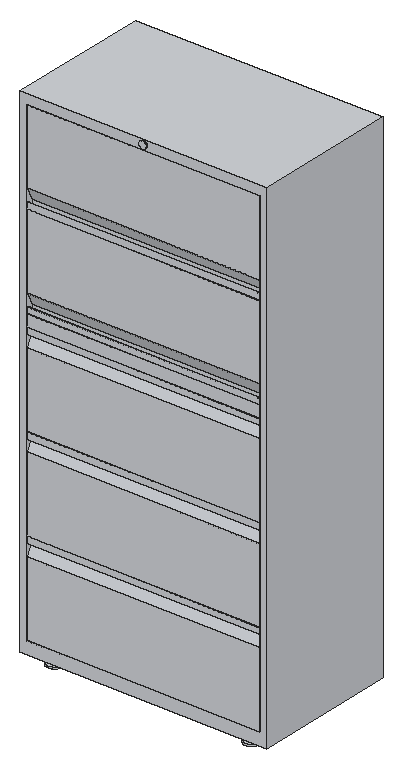
Revit family
Parameters (values of type "08C502CT.3H")
  Width = 800 mm
  Tie Bar = Width - 40 mm  # 760 mm
  Manufacturer = ""
  Height = 1655 mm
  Flipper Width = Width - 40 mm  # 760 mm
  Drawer Width = Width - 40 mm  # 760 mm
  Colour [instance] = ""
  Carbon Footprint = 0
Types (3, lengths in mm): name | Width | Tie Bar | Flipper Width | Drawer Width
  (no name) | 800 | 760 | 760 | 760
  08C502CT.3H | 800 | 760 | 760 | 760
  10C502CT.3H | 1000 | 960 | 960 | 960
Reference planes
  plane 1 "Center (Front/Back)": y = 0
  plane 2: z = 0
  plane 3 "Center (Left/Right)": x = 0
  plane 4: y = 235
  plane 5: y = -235
  plane 6: x = -400
  plane 7: x = 400
  plane 8: z = 1655
  plane 9: z = 4
  plane 10: z = 25
  plane 11: z = 65
  plane 12: z = 1625
  plane 13: x = -380
  plane 14: x = 380
  plane 15: x = -320
  plane 16: x = 320
  plane 17: y = -195
  plane 18: y = 195
  plane 19: y = 233
  plane 20: y = -215
  plane 21: y = -237
  plane 22: z = 1640
  plane 23: z = 1624
Forms (mm)
  Extrusion 1, solid
    sketch origin (0, 0, 0) x (1, 0, 0) y (0, 0, 1)
      loop
        line (-400, 1655) -> (-400, 25) -> (400, 25) -> (400, 1655) -> (-400, 1655)
      loop
        line (-380, 1625) -> (-380, 65) -> (380, 65) -> (380, 1625) -> (-380, 1625)
    from -235 to 235
  Extrusion 2, solid
    sketch origin (0, 0, 0) x (1, 0, 0) y (0, 0, 1)
      loop
        line (-380, 1625) -> (-380, 65) -> (380, 65) -> (380, 1625) -> (-380, 1625)
    from -235 to -233
  Extrusion 3, solid
    sketch origin (0, 0, 0) x (1, 0, 0) y (0, 1, 0)
      loop
        circle (-320, 195) r 25
      loop
        circle (320, 195) r 25
      loop
        circle (320, -195) r 25
      loop
        circle (-320, -195) r 25
    from 0 to 4
  Extrusion 4, solid
    sketch origin (0, 0, 0) x (1, 0, 0) y (0, 1, 0)
      loop
        circle (-320, 195) r 5
      loop
        circle (320, 195) r 5
      loop
        circle (320, -195) r 5
      loop
        circle (-320, -195) r 5
    from 4 to 25
  Extrusion 5, solid
    sketch origin (0, 0, 0) x (1, 0, 0) y (0, 0, 1)
      loop
        circle (0, 1640) r 11.963
    from 235 to 237
Dimensions and locks
  plane 4 to plane 1 "Center (Front/Back)" to plane 5 = 235 mm locked, 235 mm locked
  equal spacing: plane 6, plane 3 "Center (Left/Right)", plane 7
  "Width": plane 6 to plane 7
  locked: plane 9 to plane 2 at 4
  locked: plane 10 to plane 9 at 21
  locked: plane 11 to plane 10 at 40
  locked: plane 8 to plane 12 at 30
  "Height": plane 8 to plane 2
  locked: plane 13 to plane 6 at 20
  locked: plane 7 to plane 14 at 20
  locked: plane 4 to plane 18 at 40
  locked: plane 17 to plane 5 at 40
  locked: plane 16 to plane 14 at 60
  locked: plane 13 to plane 15 at 60
  locked: plane 4 to plane 19 at 2
  locked: plane 20 to plane 5 at 20
  locked: plane 5 to plane 21 at 2
  plane 8 to plane 22 to plane 12 = 15 mm, 15 mm
  locked: nested 1 to plane 11 at 1
  locked: nested 1 to plane 13 at 1
  locked: plane 14 to nested 1 at 1
  equal spacing: group 1, group 2, group 5  (x3)
  locked: nested 3 to Extrusion 1 at 1  (x2)
  locked: plane 12 to plane 23 at 1
  group 3 to group 4 = 0 mm  (x2)
  group 4 to group 3 = 304.013 mm
  radius of Extrusion 3 sketch curve = 25 mm
  aligned and locked: level to plane 2
  aligned and locked: Extrusion 1 sketch curve to plane 8
  aligned and locked: plane 6 to Extrusion 1 sketch curve
  aligned and locked: plane 10 to Extrusion 1 sketch curve
  aligned and locked: Extrusion 1 sketch curve to plane 7
  aligned and locked: Extrusion 1 sketch curve to plane 12
  aligned and locked: plane 13 to Extrusion 1 sketch curve
  aligned and locked: plane 11 to Extrusion 1 sketch curve
  aligned and locked: Extrusion 1 sketch curve to plane 14
  aligned and locked: plane 4 to Extrusion 1
  aligned and locked: Extrusion 1 to plane 5
  aligned and locked: Extrusion 2 sketch curve to Extrusion 1  (x4)
  aligned and locked: Extrusion 2 to plane 19
  aligned and locked: plane 9 to Extrusion 3
  aligned and locked: Extrusion 5 to plane 21
  aligned and locked: plane 5 to Extrusion 5
  aligned and locked: plane 23 to nested 3
Automatic sketch dimensions
  Extrusion 3 sketch curve to plane 15 = 0 mm  (x2)
  Extrusion 3 sketch curve to plane 16 = 0 mm  (x2)
  Extrusion 3 sketch curve to plane 17 = 0 mm  (x2)
  Extrusion 3 sketch curve to plane 18 = 0 mm  (x2)
  Extrusion 4 sketch curve to plane 15 = 0 mm  (x2)
  Extrusion 4 sketch curve to plane 16 = 0 mm  (x2)
  Extrusion 4 sketch curve to plane 17 = 0 mm  (x2)
  Extrusion 4 sketch curve to plane 18 = 0 mm  (x2)
  Extrusion 5 sketch curve to plane 3 "Center (Left/Right)" = 0 mm
  Extrusion 5 sketch curve to plane 22 = 0 mm
  radius of Extrusion 3 sketch curve = 25 mm  (x3)
  radius of Extrusion 4 sketch curve = 5 mm  (x4)
  radius of Extrusion 5 sketch curve = 11.963 mm
Nested families
  nested 1: "12 Inch Drawer" at (0, -225, 65), type "12 Inch Drawer"
  nested 2: "12 Inch Drawer" at (0, -225, 369), type "12 Inch Drawer"
  nested 3: "12 Inch Flipper" at (0, -225, 1320), type "12 Inch Flipper"
  nested 4: "12 Inch Flipper" at (0, -225, 1015.987), type "12 Inch Flipper"
  nested 5: "12 Inch Drawer" at (0, -225, 673), type "12 Inch Drawer"
  nested 6: "Tie Bar" at (0, -1, 978), type "Tie Bar"
Definition of nested family "12 Inch Drawer"
  Parameters (values of type "12 Inch Drawer")
    Drawer Width = 760 mm
    Drawer Height = 305 mm
  Reference planes
    plane 1 "Center (Front/Back)": y = 0
    plane 2: z = 0
    plane 3 "Center (Left/Right)": x = 0
    plane 4: x = -380
    plane 5: x = 380
    plane 6: x = -379
    plane 7: x = 379
    plane 8: y = 10
    plane 9: y = -10
    plane 10: z = 305
    plane 11: z = 304
    plane 12: z = 1
    plane 13: x = -378
    plane 14: x = 378
    plane 15: z = 303
    plane 16: z = 284
    plane 17: z = 244
    plane 18: y = -9
    plane 19: y = 9
  Forms (mm)
    Extrusion 1, solid
      sketch origin (0, 0, 0) x (1, 0, 0) y (0, 0, 1)
        loop
          line (-379, 1) -> (379, 1) -> (379, 304) -> (-379, 304) -> (-379, 1)
      from -10 to 10
    Extrusion 2, void
      sketch origin (0, 0, 0) x (0, 1, 0) y (0, 0, 1)
        loop
          line (-10, 284) -> (-10, 244) -> (9, 284) -> (9, 303) -> (-9, 303) -> (-9, 284) -> (-10, 284)
      from -378 to 378
  Cuts and joins
    Extrusion 2 cuts Extrusion 1
  Dimensions and locks
    "Drawer Width": plane 4 to plane 5
    equal spacing: plane 4, plane 3 "Center (Left/Right)", plane 5
    locked: plane 4 to plane 6 at 1
    locked: plane 7 to plane 5 at 1
    locked: plane 8 to plane 9 at 20
    equal spacing: plane 8, plane 1 "Center (Front/Back)", plane 9
    "Drawer Height": plane 10 to level
    locked: plane 10 to plane 11 at 1
    locked: plane 12 to level at 1
    locked: Extrusion 1 to plane 14 at 1
    locked: Extrusion 1 to plane 13 at 1
    locked: plane 11 to plane 15 at 1
    locked: plane 15 to plane 16 at 19
    locked: plane 16 to plane 17 at 40
    locked: plane 9 to plane 18 at 1
    locked: plane 19 to plane 8 at 1
    plane 10 to plane 11 to plane 15 to plane 16 to plane 17 to plane 12 = 1 mm, 1 mm, 19 mm, 40 mm, 243 mm
    locked: plane 6 to plane 13 at 1
    locked: plane 14 to plane 7 at 1
    aligned and locked: level to plane 2
    aligned and locked: plane 7 to Extrusion 1
    aligned and locked: plane 11 to Extrusion 1
    aligned and locked: Extrusion 1 to plane 6
    aligned and locked: Extrusion 1 to plane 12
    aligned and locked: Extrusion 1 to plane 9
    aligned and locked: plane 8 to Extrusion 1
    aligned and locked: plane 15 to Extrusion 2
    aligned and locked: plane 19 to Extrusion 2
    aligned and locked: Extrusion 2 to plane 9
    aligned and locked: plane 16 to Extrusion 2
    aligned and locked: Extrusion 2 to plane 13
    aligned and locked: plane 14 to Extrusion 2
  Automatic sketch dimensions
    Extrusion 1 sketch curve to plane 6 = 0 mm
    Extrusion 1 sketch curve to plane 7 = 0 mm
    Extrusion 1 sketch curve to plane 12 = 0 mm
    Extrusion 1 sketch curve to plane 11 = 0 mm
    Extrusion 2 sketch curve to plane 9 = 0 mm
    Extrusion 2 sketch curve to plane 18 = 0 mm
    Extrusion 2 sketch curve to plane 16 = 0 mm  (x2)
    Extrusion 2 sketch curve to plane 19 = 0 mm
    Extrusion 2 sketch curve to plane 17 = 0 mm
    Extrusion 2 sketch curve to plane 15 = 0 mm
Definition of nested family "12 Inch Flipper"
  Parameters (values of type "12 Inch Flipper")
    Flipper Width = 760 mm
    Flipper Height = 305 mm
  Reference planes
    plane 1 "Center (Front/Back)": y = 0
    plane 2: z = 0
    plane 3 "Center (Left/Right)": x = 0
    plane 4: x = -380
    plane 5: x = 380
    plane 6: x = -379
    plane 7: x = 379
    plane 8: y = 10
    plane 9: y = -10
    plane 10: z = 305
    plane 11: z = 304
    plane 12: z = 1
    plane 13: x = -378
    plane 14: x = 378
    plane 15: z = 2
    plane 16: z = 21
    plane 17: z = 61
    plane 18: y = -9
    plane 19: y = 9
  Forms (mm)
    Extrusion 1, solid
      sketch origin (0, 0, 0) x (1, 0, 0) y (0, 0, 1)
        loop
          line (-379, 1) -> (379, 1) -> (379, 304) -> (-379, 304) -> (-379, 1)
      from -10 to 10
    Extrusion 2, void
      sketch origin (0, 0, 0) x (0, 1, 0) y (0, 0, 1)
        loop
          line (-10, 61) -> (-10, 21) -> (-9, 21) -> (-9, 2) -> (9, 2) -> (9, 21) -> (-10, 61)
      from -378 to 378
  Cuts and joins
    Extrusion 2 cuts Extrusion 1
  Dimensions and locks
    "Flipper Width": plane 4 to plane 5
    equal spacing: plane 4, plane 3 "Center (Left/Right)", plane 5
    locked: plane 4 to plane 6 at 1
    locked: plane 7 to plane 5 at 1
    locked: plane 8 to plane 9 at 20
    equal spacing: plane 8, plane 1 "Center (Front/Back)", plane 9
    "Flipper Height": plane 10 to level
    locked: plane 10 to plane 11 at 1
    locked: plane 12 to level at 1
    locked: Extrusion 1 to plane 14 at 1
    locked: Extrusion 1 to plane 13 at 1
    plane 10 to plane 11 to plane 12 = 1 mm, 303 mm
    locked: plane 6 to plane 13 at 1
    locked: plane 14 to plane 7 at 1
    locked: plane 15 to plane 12 at 1
    locked: plane 16 to plane 15 at 19
    locked: plane 17 to plane 16 at 40
    locked: plane 9 to plane 18 at 1
    locked: plane 19 to plane 8 at 1
    aligned and locked: level to plane 2
    aligned and locked: plane 7 to Extrusion 1
    aligned and locked: plane 11 to Extrusion 1
    aligned and locked: Extrusion 1 to plane 6
    aligned and locked: Extrusion 1 to plane 12
    aligned and locked: Extrusion 1 to plane 9
    aligned and locked: plane 8 to Extrusion 1
    aligned and locked: Extrusion 2 to plane 15
    aligned and locked: Extrusion 2 to plane 19
    aligned and locked: plane 18 to Extrusion 2
    aligned and locked: Extrusion 2 to plane 16
    aligned and locked: Extrusion 2 to plane 9
    aligned and locked: Extrusion 2 to plane 13
    aligned and locked: plane 14 to Extrusion 2
  Automatic sketch dimensions
    Extrusion 1 sketch curve to plane 6 = 0 mm
    Extrusion 1 sketch curve to plane 7 = 0 mm
    Extrusion 1 sketch curve to plane 12 = 0 mm
    Extrusion 1 sketch curve to plane 11 = 0 mm
    Extrusion 2 sketch curve to plane 9 = 0 mm
    Extrusion 2 sketch curve to plane 15 = 0 mm
    Extrusion 2 sketch curve to plane 18 = 0 mm
    Extrusion 2 sketch curve to plane 16 = 0 mm  (x2)
    Extrusion 2 sketch curve to plane 19 = 0 mm
    Extrusion 2 sketch curve to plane 17 = 0 mm
Definition of nested family "Tie Bar"
  Parameters (values of type "Tie Bar")
    Tie Bar Width = 760 mm
  Reference planes
    plane 1 "Center (Front/Back)": y = 0
    plane 2: z = 0
    plane 3 "Center (Left/Right)": x = 0
    plane 4: x = -380
    plane 5: x = 380
    plane 6: y = 234
    plane 7: y = -234
    plane 8: z = 38
    plane 9: x = -379
    plane 10: x = 379
  Forms (mm)
    Extrusion 1, solid
      sketch origin (0, 0, 0) x (1, 0, 0) y (0, 1, 0)
        loop
          line (-379, -234) -> (379, -234) -> (379, 234) -> (-379, 234) -> (-379, -234)
      from 0 to 38
  Dimensions and locks
    equal spacing: plane 4, plane 3 "Center (Left/Right)", plane 5
    "Tie Bar Width": plane 4 to plane 5
    locked: plane 8 to plane 2 at 38
    plane 6 to plane 7 = 468 mm
    equal spacing: plane 6, plane 1 "Center (Front/Back)", plane 7
    locked: plane 4 to plane 9 at 1
    locked: plane 10 to plane 5 at 1
    aligned and locked: level to plane 2
    aligned and locked: Extrusion 1 sketch curve to plane 7
    aligned and locked: Extrusion 1 sketch curve to plane 9
    aligned and locked: plane 6 to Extrusion 1 sketch curve
    aligned and locked: plane 10 to Extrusion 1 sketch curve
    aligned and locked: Extrusion 1 to level
    aligned and locked: plane 8 to Extrusion 1
